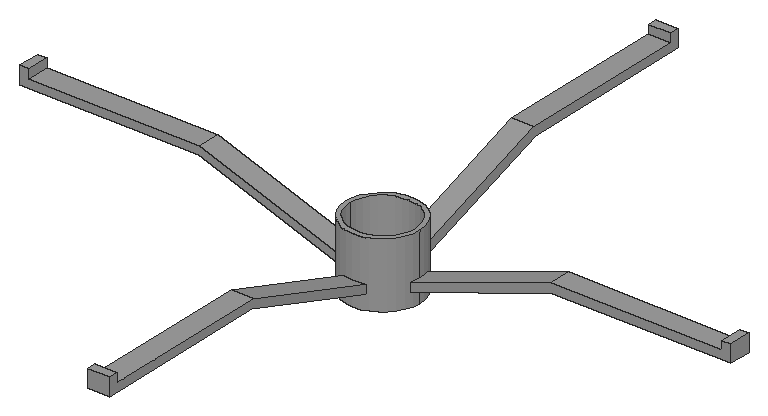
Revit family "sostegno seduta2", category Arredi, Revit 2012
Parameters (values of type "sostegno r8.5")
  s_r = s_R - 1 cm  # 7.5 cm
  s_R = 8.5 cm
  materiale sostegno = acciaio
Types (4, lengths in cm): name | s_r | s_R | materiale sostegno
  (no name) | 7.5 | 8.5 | acciaio
  sostegno r8.5 | 7.5 | 8.5 | acciaio
  sostegno r6 | 5 | 6 | none
  sostegno r11 | 10 | 11 | none
Reference planes (cm)
  plane 1 "Centro (Fronte/Retro)": y = 0
  plane 2: z = 0
  plane 3 "Centro (Sinistra/Destra)": x = 0
Forms (cm)
  Extrusion 1, solid, material "acciaio" <- "materiale sostegno"
    sketch origin (0, 0, 0) x (1, 0, 0) y (0, 1, 0)
      loop
        circle (0, 0) r 8.5
    from 0 to 15
  Extrusion 2, void
    sketch origin (0, 0, 0) x (1, 0, 0) y (0, 1, 0)
      loop
        circle (0, 0) r 7.5
    from 0 to 15
  Sweep 3, solid, material "acciaio" <- "materiale sostegno"
    path origin (0, 0, 5.5) x (1, 0, 0) y (0, 0, 1)
      loop
        line (-80, 13) -> (-80, 10) -> (-40, 10) -> (0, -3.7931)
    profile origin (-20, 0, 8.6034) x (0.325991, 0, 0.945373) y (0, -1, 0)
      loop
        line (1, 0) -> (1, 2.5) -> (-1, 2.5) -> (-1, -2.5) -> (1, -2.5) -> (1, 0)
  Sweep 4, solid, material "acciaio" <- "materiale sostegno"
    path origin (0.652, 0, 5.5) x (-1, 0, 0) y (0, 0, 1)
      loop
        line (-80, 13) -> (-80, 10) -> (-40, 10) -> (0, -3.7931)
    profile origin (20.652, 0, 8.6034) x (-0.325991, 0, 0.945373) y (0, 1, 0)
      loop
        line (1, 0) -> (1, 2.5) -> (-1, 2.5) -> (-1, -2.5) -> (1, -2.5) -> (1, 0)
  Sweep 5, solid, material "acciaio" <- "materiale sostegno"
    path origin (0, -0.326, 5.5) x (0, 1, 0) y (0, 0, 1)
      loop
        line (-80, 13) -> (-80, 10) -> (-40, 10) -> (0, -3.7931)
    profile origin (0, -20.326, 8.6034) x (0, 0.325991, 0.945373) y (1, 0, 0)
      loop
        line (1, 0) -> (1, 2.5) -> (-1, 2.5) -> (-1, -2.5) -> (1, -2.5) -> (1, 0)
  Sweep 6, solid, material "acciaio" <- "materiale sostegno"
    path origin (0, 0.326, 5.5) x (0, -1, 0) y (0, 0, 1)
      loop
        line (-80, 13) -> (-80, 10) -> (-40, 10) -> (0, -3.7931)
    profile origin (0, 20.326, 8.6034) x (0, -0.325991, 0.945373) y (-1, 0, 0)
      loop
        line (1, 0) -> (1, 2.5) -> (-1, 2.5) -> (-1, -2.5) -> (1, -2.5) -> (1, 0)
Cuts and joins
  Extrusion 2 cuts Extrusion 1
  Extrusion 2 cuts Sweep 3
  Extrusion 2 cuts Sweep 4
  Extrusion 2 cuts Sweep 6
  Extrusion 2 cuts Sweep 5
Dimensions and locks (cm)
  "s_R": radius of Extrusion 1 sketch curve
  "s_r": radius of Extrusion 2 sketch curve
  aligned and locked: level to plane 2
  aligned and locked: Extrusion 1 to Extrusion 2
Automatic sketch dimensions
  plane 1 "Centro (Fronte/Retro)" to Extrusion 1 sketch curve = 0 cm
  Extrusion 1 sketch curve to plane 3 "Centro (Sinistra/Destra)" = 0 cm
  plane 1 "Centro (Fronte/Retro)" to Extrusion 2 sketch curve = 0 cm
  Extrusion 2 sketch curve to plane 3 "Centro (Sinistra/Destra)" = 0 cm
  Sweep 3 sketch curve to plane 3 "Centro (Sinistra/Destra)" = 0 cm
  level to Sweep 3 sketch curve = 15.5 cm
  Sweep 3 sketch curve to plane 3 "Centro (Sinistra/Destra)" = 40 cm
  Sweep 3 sketch curve to Sweep 3 sketch curve = 40 cm
  level to Sweep 3 sketch curve = 1.7069 cm
  Sweep 3 sketch curve to Sweep 3 sketch curve = 3 cm
  Sweep 3 sketch curve to plane 1 "Centro (Fronte/Retro)" = 0 cm
  profile plane to Sweep 3 sketch curve = 1 cm
  Sweep 3 sketch curve to profile plane = 1 cm
  Sweep 3 sketch curve to plane 1 "Centro (Fronte/Retro)" = 2.5 cm
  plane 1 "Centro (Fronte/Retro)" to Sweep 3 sketch curve = 2.5 cm
  level to Sweep 4 sketch curve = 18.5 cm
  plane 3 "Centro (Sinistra/Destra)" to Sweep 4 sketch curve = 80.652 cm
  level to Sweep 4 sketch curve = 15.5 cm
  Sweep 4 sketch curve to Sweep 4 sketch curve = 40 cm
  plane 3 "Centro (Sinistra/Destra)" to Sweep 4 sketch curve = 0.652 cm
  level to Sweep 4 sketch curve = 1.7069 cm
  profile plane to Sweep 4 sketch curve = 0 cm
  profile plane to Sweep 4 sketch curve = 1 cm
  Sweep 4 sketch curve to profile plane = 1 cm
  Sweep 4 sketch curve to profile plane = 2.5 cm
  profile plane to Sweep 4 sketch curve = 2.5 cm
  level to Sweep 5 sketch curve = 18.5 cm
  plane 1 "Centro (Fronte/Retro)" to Sweep 5 sketch curve = 80.326 cm
  level to Sweep 5 sketch curve = 15.5 cm
  Sweep 5 sketch curve to Sweep 5 sketch curve = 40 cm
  plane 1 "Centro (Fronte/Retro)" to Sweep 5 sketch curve = 0.326 cm
  level to Sweep 5 sketch curve = 1.7069 cm
  Sweep 5 sketch curve to profile plane = 0 cm
  profile plane to Sweep 5 sketch curve = 1 cm
  Sweep 5 sketch curve to profile plane = 1 cm
  Sweep 5 sketch curve to profile plane = 2.5 cm
  profile plane to Sweep 5 sketch curve = 2.5 cm
  Sweep 6 sketch curve to plane 1 "Centro (Fronte/Retro)" = 80.326 cm
  level to Sweep 6 sketch curve = 15.5 cm
  Sweep 6 sketch curve to Sweep 6 sketch curve = 40 cm  (x2)
  level to Sweep 6 sketch curve = 1.7069 cm
  Sweep 6 sketch curve to Sweep 6 sketch curve = 3 cm
  Sweep 6 sketch curve to profile plane = 0 cm
  profile plane to Sweep 6 sketch curve = 1 cm
  Sweep 6 sketch curve to profile plane = 1 cm
  Sweep 6 sketch curve to profile plane = 2.5 cm
  Sweep 6 sketch curve to Sweep 6 sketch curve = 2.5 cm
